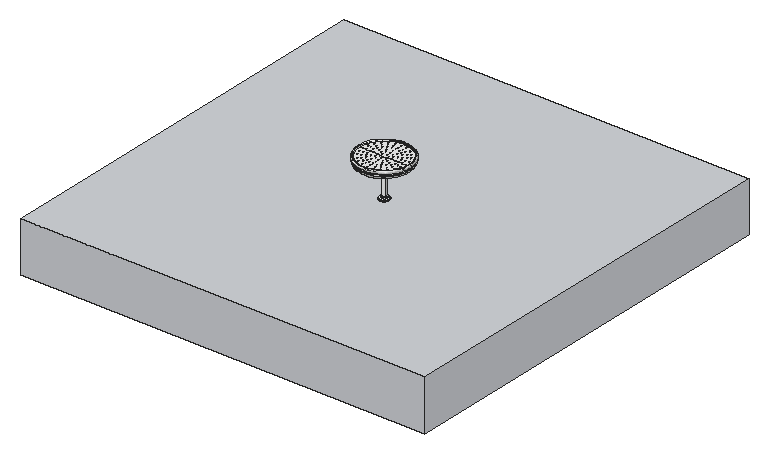
Revit family (continued)
Definition of nested family "13694-base"
  Automatic sketch dimensions
    plane 1 "Center (Front/Back)" to Masking region 3 sketch curve = 0' - 0.11659"
    plane 1 "Center (Front/Back)" to Masking region 3 sketch curve = 0' - 0.24171"
    plane 1 "Center (Front/Back)" to Masking region 3 sketch curve = 0' - 0.33415"
    Masking region 3 sketch curve to Masking region 3 sketch curve = 0' - 0"  (x6)
    Masking region 3 sketch curve to Masking region 3 sketch curve = 0' - 0.01369"  (x2)
    Masking region 3 sketch curve to Masking region 3 sketch curve = 0' - 0.02728"
    plane 1 "Center (Front/Back)" to Masking region 3 sketch curve = 0' - 0.40615"
    Masking region 3 sketch curve to Masking region 3 sketch curve = 0' - 0.09433"  (x2)
    Masking region 3 sketch curve to Masking region 3 sketch curve = 0' - 0.21128"
    Masking region 3 sketch curve to Masking region 3 sketch curve = 0' - 0.06789"  (x2)
    Masking region 3 sketch curve to Masking region 3 sketch curve = 0' - 0.07597"  (x2)
    Masking region 3 sketch curve to Masking region 3 sketch curve = 0' - 0.01241"
    Masking region 3 sketch curve to Masking region 3 sketch curve = 0' - 0.1469"  (x2)
    Masking region 3 sketch curve to Masking region 3 sketch curve = 0' - 0.05728"  (x2)
    level to Masking region 3 sketch curve = 0' - 0.28817"  (x2)
    Masking region 3 sketch curve to Masking region 3 sketch curve = 0' - 0.06031"  (x2)
    Masking region 3 sketch curve to Masking region 3 sketch curve = 0' - 0.02328"
    Masking region 3 sketch curve to Masking region 3 sketch curve = 0' - 0.42852"  (x2)
    Masking region 3 sketch curve to Masking region 3 sketch curve = 0' - 0.054"  (x2)
    level to Masking region 3 sketch curve = 0' - 0.03747"
    Masking region 3 sketch curve to Masking region 3 sketch curve = 0' - 0.41067"  (x2)
    Masking region 3 sketch curve to Masking region 3 sketch curve = 0' - 0.03475"  (x2)
    level to Masking region 3 sketch curve = 0' - 0.16623"
    Masking region 3 sketch curve to Masking region 3 sketch curve = 0' - 0.00841"  (x2)
    Masking region 3 sketch curve to Masking region 3 sketch curve = 0' - 0.25612"  (x2)
    plane 6 "Front" to Masking region 3 sketch curve = 0' - 0.61066"
    plane 6 "Front" to Masking region 3 sketch curve = 0' - 0.38806"
    plane 6 "Front" to Masking region 3 sketch curve = 0' - 0.30266"
    plane 6 "Front" to Masking region 3 sketch curve = 0' - 0.19202"
    plane 6 "Front" to Masking region 3 sketch curve = 0' - 0.17641"
    Masking region 3 sketch curve to Masking region 3 sketch curve = 0' - 0.00913"  (x2)
    Masking region 3 sketch curve to Masking region 3 sketch curve = 0' - 0.03323"  (x2)
    plane 6 "Front" to Masking region 3 sketch curve = 0' - 0.11009"
    plane 6 "Front" to Masking region 3 sketch curve = 0' - 0.10818"
    Masking region 3 sketch curve to Masking region 3 sketch curve = 0' - 0.03845"  (x2)
    Masking region 3 sketch curve to Masking region 3 sketch curve = 0' - 0.02073"  (x2)
    Masking region 3 sketch curve to plane 1 "Center (Front/Back)" = 0' - 0.11659"
    Masking region 3 sketch curve to plane 1 "Center (Front/Back)" = 0' - 0.24171"
    Masking region 3 sketch curve to plane 1 "Center (Front/Back)" = 0' - 0.33415"
    Masking region 3 sketch curve to Masking region 3 sketch curve = 0' - 0.04097"
    Masking region 3 sketch curve to plane 1 "Center (Front/Back)" = 0' - 0.40615"
    Masking region 3 sketch curve to Masking region 3 sketch curve = 0' - 0.10515"
    Masking region 3 sketch curve to Masking region 3 sketch curve = 0' - 0.02049"
    Masking region 3 sketch curve to Masking region 3 sketch curve = 0' - 0.08359"
    Masking region 3 sketch curve to Masking region 3 sketch curve = 0' - 0.00272"
    Masking region 3 sketch curve to plane 4 "Back" = 0' - 0.61066"
    Masking region 3 sketch curve to plane 4 "Back" = 0' - 0.38806"
    Masking region 3 sketch curve to plane 4 "Back" = 0' - 0.30266"
    Masking region 3 sketch curve to plane 4 "Back" = 0' - 0.19202"
    Masking region 3 sketch curve to plane 4 "Back" = 0' - 0.17641"
    Masking region 3 sketch curve to plane 4 "Back" = 0' - 0.11009"
    Masking region 3 sketch curve to plane 4 "Back" = 0' - 0.10818"
    Masking region 3 sketch curve to Masking region 3 sketch curve = 0' - 0.09505"
    Masking region 3 sketch curve to Masking region 3 sketch curve = 0' - 0.08054"  (x2)
    Masking region 3 sketch curve to Masking region 3 sketch curve = 0' - 0.25623"  (x2)
    Masking region 3 sketch curve to plane 5 "Bottom" = 0' - 3.70036"
    Masking region 3 sketch curve to Masking region 3 sketch curve = 0' - 0.02923"  (x2)
    Masking region 3 sketch curve to Masking region 3 sketch curve = 0' - 0.09733"  (x2)
    Masking region 3 sketch curve to Masking region 3 sketch curve = 0' - 0.02455"  (x2)
    Masking region 3 sketch curve to Masking region 3 sketch curve = 0' - 0.58124"
    Masking region 3 sketch curve to Masking region 3 sketch curve = 0' - 0.02139"  (x2)
    Masking region 3 sketch curve to Masking region 3 sketch curve = 0' - 0.12363"  (x2)
    Masking region 3 sketch curve to Masking region 3 sketch curve = 0' - 0.13"  (x2)
    Masking region 3 sketch curve to Masking region 3 sketch curve = 0' - 0.15114"  (x2)
    Masking region 3 sketch curve to plane 5 "Bottom" = 0' - 1.53186"  (x2)
    Masking region 3 sketch curve to Masking region 3 sketch curve = 0' - 0.33871"  (x2)
    Masking region 3 sketch curve to Masking region 3 sketch curve = 0' - 0.1306"  (x2)
    Masking region 3 sketch curve to Masking region 3 sketch curve = 0' - 0.01632"  (x2)
    Masking region 3 sketch curve to Masking region 3 sketch curve = 0' - 0.18528"  (x2)
    Masking region 3 sketch curve to Masking region 3 sketch curve = 0' - 0.02421"  (x2)
    Masking region 3 sketch curve to Masking region 3 sketch curve = 0' - 0.31949"  (x2)
    plane 6 "Front" to curve 42 = 0' - 0.08746"
    plane 6 "Front" to curve 41 = 0' - 0.09559"
    curve 42 to curve 43 = 0' - 0.02073"
    plane 6 "Front" to curve 44 = 0' - 0.11009"
    curve 41 to curve 38 = 0' - 0.07169"
    curve 38 to curve 39 = 0' - 0.00913"
    plane 6 "Front" to curve 40 = 0' - 0.38806"
    plane 1 "Center (Front/Back)" to curve 37 = 0' - 1.16712"
    level to curve 24 = 0' - 0.13251"
    plane 1 "Center (Front/Back)" to curve 24 = 0' - 1.11878"
    level to curve 23 = 0' - 0.03747"
    curve 23 to curve 24 = 0' - 0"
    curve 24 to curve 25 = 0' - 0.02634"
    curve 37 to curve 36 = 0' - 0.31013"
    curve 25 to curve 26 = 0' - 0.48211"
    plane 1 "Center (Front/Back)" to curve 30 = 0' - 0.49452"
    curve 29 to curve 30 = 0' - 0"
    curve 30 to curve 31 = 0' - 0.02049"
    plane 1 "Center (Front/Back)" to curve 32 = 0' - 0.45299"
    curve 32 to curve 35 = 0' - 0.02452"
    curve 26 to curve 27 = 0' - 0.20418"
    curve 29 to curve 28 = 0' - 0.08837"
    curve 32 to curve 33 = 0' - 0.10515"
    curve 33 to curve 34 = 0' - 0.01369"
    curve 34 to plane 1 "Center (Front/Back)" = 0' - 0.33415"
    curve 34 to curve 33 = 0' - 0.01369"
    curve 28 to plane 1 "Center (Front/Back)" = 0' - 0.40615"
    curve 27 to plane 1 "Center (Front/Back)" = 0' - 0.40615"
    curve 34 to curve 35 = 0' - 0.09433"
    curve 33 to curve 32 = 0' - 0.10515"
    curve 28 to curve 31 = 0' - 0.06789"
    curve 28 to curve 29 = 0' - 0.08837"
    curve 31 to curve 30 = 0' - 0.02049"
    curve 27 to curve 26 = 0' - 0.20418"
    curve 35 to curve 36 = 0' - 0.42852"
    level to curve 25 = 0' - 0.16623"
    curve 26 to curve 25 = 0' - 0.48211"
    curve 25 to curve 23 = 0' - 0.02634"
    curve 25 to curve 24 = 0' - 0.02634"
    curve 36 to curve 37 = 0' - 0.31013"
    curve 40 to plane 4 "Back" = 0' - 0.38806"
    curve 39 to plane 4 "Back" = 0' - 0.17641"
    curve 39 to curve 38 = 0' - 0.00913"
    curve 43 to plane 4 "Back" = 0' - 0.11469"
    curve 44 to plane 4 "Back" = 0' - 0.11009"
    curve 38 to curve 41 = 0' - 0.07169"
    curve 43 to curve 42 = 0' - 0.02723"
    level to curve 26 = 0' - 0.37506"
    curve 26 to curve 27 = 0' - 0.31351"
    curve 28 to plane 5 "Bottom" = 0' - 3.70036"
    curve 28 to curve 29 = 0' - 0.02923"
    curve 29 to curve 30 = 0' - 0.09733"
    curve 30 to curve 31 = 0' - 0.02455"
    curve 31 to curve 32 = 0' - 0.72626"
    curve 32 to curve 33 = 0' - 0.08823"
    curve 33 to curve 34 = 0' - 0.11152"
    curve 34 to curve 35 = 0' - 0.11557"
    curve 35 to curve 36 = 0' - 0.13"
    curve 36 to curve 37 = 0' - 0.15114"
    curve 40 to plane 5 "Bottom" = 0' - 1.53186"
    curve 40 to curve 39 = 0' - 0.33871"
    curve 39 to curve 38 = 0' - 0.1306"
    curve 38 to curve 41 = 0' - 0.01632"
    curve 41 to curve 42 = 0' - 0.18528"
    curve 42 to curve 43 = 0' - 0.02421"
    curve 43 to curve 44 = 0' - 0.31949"
    plane 1 "Center (Front/Back)" to Extrusion 2 sketch curve = 0' - 0"
    Extrusion 2 sketch curve to plane 3 "Center (Left/Right)" = 0' - 0"
    Masking region 4 sketch curve to level = 0' - 0"
    Masking region 4 sketch curve to plane 7 "Left" = 0' - 0"
    Masking region 4 sketch curve to plane 8 "Right" = 0' - 0"
    Masking region 4 sketch curve to plane 5 "Bottom" = 0' - 0"
    Masking region 5 sketch curve to plane 5 "Bottom" = 0' - 0"
    Masking region 5 sketch curve to plane 6 "Front" = 0' - 0"
    Masking region 5 sketch curve to level = 0' - 0"
    Masking region 5 sketch curve to plane 4 "Back" = 0' - 0"
    Revolve 1 sketch curve to plane 5 "Bottom" = 0' - 0"
    Revolve 1 sketch curve to level = 0' - 0"
    Revolve 1 sketch curve to plane 3 "Center (Left/Right)" = 0' - 0"
    Revolve 1 sketch curve to plane 3 "Center (Left/Right)" = 0' - 0.07214"
    Revolve 1 sketch curve to plane 3 "Center (Left/Right)" = 0' - 0.26335"
    Revolve 1 sketch curve to plane 3 "Center (Left/Right)" = 0' - 0.33168"
    Revolve 1 sketch curve to Revolve 1 sketch curve = 0' - 0.01568"
    Revolve 1 sketch curve to Revolve 1 sketch curve = 0' - 0.03259"
    Revolve 1 sketch curve to plane 3 "Center (Left/Right)" = 0' - 0 13/32"
    Revolve 1 sketch curve to Revolve 1 sketch curve = 0' - 0.10252"
    Revolve 1 sketch curve to Revolve 1 sketch curve = 0' - 0.19122"
    Revolve 1 sketch curve to Revolve 1 sketch curve = 0' - 0.06779"
    Revolve 1 sketch curve to Revolve 1 sketch curve = 0' - 0.07587"
    Revolve 1 sketch curve to Revolve 1 sketch curve = 0' - 0.01988"
    Revolve 1 sketch curve to Revolve 1 sketch curve = 0' - 0.01241"
    Revolve 1 sketch curve to Revolve 1 sketch curve = 0' - 0.14439"
    Revolve 1 sketch curve to Revolve 1 sketch curve = 0' - 0.00399"
    Revolve 1 sketch curve to Revolve 1 sketch curve = 0' - 0.05969"
    Revolve 1 sketch curve to Revolve 1 sketch curve = 0' - 0.06054"
    Revolve 1 sketch curve to Revolve 1 sketch curve = 0' - 0.08392"
    Revolve 1 sketch curve to Revolve 1 sketch curve = 0' - 0.42276"
    Revolve 1 sketch curve to Revolve 1 sketch curve = 0' - 0.05404"
    Revolve 1 sketch curve to Revolve 1 sketch curve = 0' - 0.40377"
    Revolve 1 sketch curve to Revolve 1 sketch curve = 0' - 0.0007"
    Revolve 1 sketch curve to Revolve 1 sketch curve = 0' - 0.00654"
    level to Revolve 1 sketch curve = 0' - 0.16628"
    Revolve 1 sketch curve to Revolve 1 sketch curve = 0' - 0.01689"
    Revolve 1 sketch curve to Revolve 1 sketch curve = 0' - 0.02679"
    level to Revolve 1 sketch curve = 0' - 0.03783"
    Revolve 1 sketch curve to Revolve 1 sketch curve = 0' - 0.25618"
    plane 7 "Left" to Revolve 1 sketch curve = 0' - 0.61208"
    plane 7 "Left" to Revolve 1 sketch curve = 0' - 0.38809"
    plane 7 "Left" to Revolve 1 sketch curve = 0' - 0.36817"
    Revolve 1 sketch curve to plane 5 "Bottom" = 0' - 0.0404"
    Revolve 1 sketch curve to Revolve 1 sketch curve = 0' - 0.03415"
    Revolve 1 sketch curve to Revolve 1 sketch curve = 0' - 0.06317"
    Revolve 1 sketch curve to Revolve 1 sketch curve = 0' - 0.06593"
    Revolve 1 sketch curve to Revolve 1 sketch curve = 0' - 0.07826"
    plane 7 "Left" to Revolve 1 sketch curve = 0' - 0.17625"
    Revolve 1 sketch curve to Revolve 1 sketch curve = 0' - 0.00904"
    Revolve 1 sketch curve to Revolve 1 sketch curve = 0' - 0.03331"
    plane 7 "Left" to Revolve 1 sketch curve = 0' - 0.11016"
    plane 7 "Left" to Revolve 1 sketch curve = 0' - 0.10808"
    Revolve 1 sketch curve to Revolve 1 sketch curve = 0' - 0.03836"
    Revolve 1 sketch curve to Revolve 1 sketch curve = 0' - 0.02062"
    Revolve 1 sketch curve to Revolve 1 sketch curve = 0' - 0.04077"
    level to Revolve 1 sketch curve = 0' - 0.28818"
    Revolve 1 sketch curve to Revolve 1 sketch curve = 0' - 0.08082"
    Revolve 1 sketch curve to Revolve 1 sketch curve = 0' - 0.25396"
    Revolve 1 sketch curve to plane 5 "Bottom" = 0' - 3.70036"
    Revolve 1 sketch curve to Revolve 1 sketch curve = 0' - 0.02923"
    Revolve 1 sketch curve to Revolve 1 sketch curve = 0' - 0.09733"
    Revolve 1 sketch curve to Revolve 1 sketch curve = 0' - 0.02455"
    Revolve 1 sketch curve to Revolve 1 sketch curve = 0' - 0.59831"
    Revolve 1 sketch curve to Revolve 1 sketch curve = 0' - 0.00312"
    Revolve 1 sketch curve to Revolve 1 sketch curve = 0' - 0.12564"
    Revolve 1 sketch curve to Revolve 1 sketch curve = 0' - 0.06148"
    Revolve 1 sketch curve to Revolve 1 sketch curve = 0' - 0.16711"
    Revolve 1 sketch curve to Revolve 1 sketch curve = 0' - 0.13"
    Revolve 1 sketch curve to Revolve 1 sketch curve = 0' - 0.15118"
    Revolve 1 sketch curve to Revolve 1 sketch curve = 0' - 1.45783"
    Revolve 1 sketch curve to Revolve 1 sketch curve = 0' - 0.33817"
    Revolve 1 sketch curve to Revolve 1 sketch curve = 0' - 0.1311"
    Revolve 1 sketch curve to Revolve 1 sketch curve = 0' - 0.01628"
    Revolve 1 sketch curve to Revolve 1 sketch curve = 0' - 0.18532"
    Revolve 1 sketch curve to Revolve 1 sketch curve = 0' - 0.02428"
    Revolve 1 sketch curve to Revolve 1 sketch curve = 0' - 0.31939"
    Revolve 1 sketch curve to Revolve 1 sketch curve = 0' - 0.04953"
    Extrusion 3 sketch curve to plane 6 "Front" = 0' - 0"
    Extrusion 3 sketch curve to plane 7 "Left" = 0' - 0"
    Extrusion 3 sketch curve to plane 8 "Right" = 0' - 0"
    Extrusion 3 sketch curve to plane 4 "Back" = 0' - 0"
    plane 7 "Left" to curve 20 = 0' - 0.08746"
    plane 7 "Left" to curve 19 = 0' - 0.09554"
    curve 20 to curve 21 = 0' - 0.02062"
    plane 7 "Left" to curve 22 = 0' - 0.11016"
    curve 19 to curve 18 = 0' - 0.07167"
    curve 18 to curve 17 = 0' - 0.00904"
    plane 7 "Left" to curve 16 = 0' - 0.38809"
    curve 15 to plane 3 "Center (Left/Right)" = 0' - 1.16718"
    level to curve 1 = 0' - 0.03783"  (x2)
    curve 1 to plane 3 "Center (Left/Right)" = 0' - 1.11901"
    curve 1 to curve 2 = 0' - 0.02679"
    curve 15 to curve 14 = 0' - 0.25618"
    curve 14 to curve 13 = 0' - 0.05404"
    curve 2 to curve 3 = 0' - 0.48189"
    curve 6 to plane 3 "Center (Left/Right)" = 0' - 0.49452"
    curve 6 to curve 7 = 0' - 0.00061"
    curve 7 to curve 8 = 0' - 0.01988"
    curve 10 to plane 3 "Center (Left/Right)" = 0' - 0.45457"
    curve 10 to curve 9 = 0' - 0"  (x2)
    curve 3 to curve 4 = 0' - 0.20408"
    curve 6 to curve 5 = 0' - 0.08828"
    curve 10 to curve 11 = 0' - 0.1072"
    curve 11 to curve 12 = 0' - 0.01568"
    plane 3 "Center (Left/Right)" to curve 12 = 0' - 0.33168"
    curve 12 to curve 11 = 0' - 0.01568"
    plane 3 "Center (Left/Right)" to curve 5 = 0' - 0 13/32"
    plane 3 "Center (Left/Right)" to curve 4 = 0' - 0 13/32"
    curve 11 to curve 10 = 0' - 0.1072"
    curve 5 to curve 8 = 0' - 0.06779"
    curve 8 to curve 7 = 0' - 0.01988"
    curve 5 to curve 6 = 0' - 0.08828"
    curve 4 to curve 3 = 0' - 0.20408"
    curve 10 to curve 13 = 0' - 0.40239"
    curve 13 to curve 14 = 0' - 0.05404"
    level to curve 2 = 0' - 0.16628"
    curve 3 to curve 2 = 0' - 0.48189"
    curve 2 to curve 1 = 0' - 0.02679"
    curve 14 to curve 15 = 0' - 0.25618"
    curve 16 to plane 8 "Right" = 0' - 0.38809"
    curve 17 to plane 8 "Right" = 0' - 0.17625"
    curve 17 to curve 18 = 0' - 0.00904"
    curve 22 to plane 8 "Right" = 0' - 0.11016"
    curve 21 to plane 8 "Right" = 0' - 0.10808"
    curve 18 to curve 19 = 0' - 0.07167"
    curve 21 to curve 20 = 0' - 0.02062"
    level to curve 3 = 0' - 0.37506"
    curve 3 to curve 4 = 0' - 0.31351"
    curve 5 to plane 5 "Bottom" = 0' - 3.70036"
    curve 5 to curve 6 = 0' - 0.02923"
    curve 6 to curve 7 = 0' - 0.09733"
    curve 7 to curve 8 = 0' - 0.02455"
    curve 8 to curve 9 = 0' - 0.60143"
    curve 9 to curve 10 = 0' - 0.12564"
    curve 10 to curve 11 = 0' - 0.08591"
    curve 11 to curve 12 = 0' - 0.1116"
    curve 10 to curve 13 = 0' - 0.3145"
    curve 13 to curve 14 = 0' - 0.13"
    curve 14 to curve 15 = 0' - 0.15118"
    curve 16 to plane 5 "Bottom" = 0' - 1.53182"
    curve 16 to curve 17 = 0' - 0.33817"
    curve 17 to curve 18 = 0' - 0.1311"
    curve 18 to curve 19 = 0' - 0.01628"
    curve 19 to curve 20 = 0' - 0.18532"
    curve 20 to curve 21 = 0' - 0.02428"
    curve 21 to curve 22 = 0' - 0.31939"
    plane 1 "Center (Front/Back)" to Extrusion 4 sketch curve = 0' - 0"  (x10)
    Extrusion 4 sketch curve to plane 3 "Center (Left/Right)" = 0' - 0"  (x12)
    Extrusion 4 sketch curve to plane 3 "Center (Left/Right)" = 0' - 0.73544"  (x2)
    Extrusion 4 sketch curve to plane 3 "Center (Left/Right)" = 0' - 0.84734"  (x2)
    Extrusion 4 sketch curve to plane 3 "Center (Left/Right)" = 0' - 0.87285"  (x2)
    Extrusion 4 sketch curve to Extrusion 4 sketch curve = 0' - 0.21822"  (x4)
    Extrusion 4 sketch curve to Extrusion 4 sketch curve = 0' - 0.42389"  (x4)
    Extrusion 4 sketch curve to Extrusion 4 sketch curve = 0' - 0.21824"  (x4)
    Extrusion 4 sketch curve to Extrusion 4 sketch curve = 0' - 0.73602"  (x4)
    Extrusion 4 sketch curve to Extrusion 4 sketch curve = 0' - 0.42377"  (x8)
    Extrusion 4 sketch curve to Extrusion 4 sketch curve = 0' - 0.22889"  (x2)
    Extrusion 4 sketch curve to Extrusion 4 sketch curve = 0' - 0.73611"  (x4)
    Extrusion 4 sketch curve to Extrusion 4 sketch curve = 0' - 0.70464"  (x4)
    Extrusion 4 sketch curve to Extrusion 4 sketch curve = 0' - 0.4238"  (x4)
    Extrusion 4 sketch curve to Extrusion 4 sketch curve = 0' - 0.85061"  (x4)
    Extrusion 4 sketch curve to Extrusion 4 sketch curve = 0' - 0.7359"  (x8)
    Extrusion 4 sketch curve to Extrusion 4 sketch curve = 0' - 0.59994"  (x4)
    Extrusion 4 sketch curve to Extrusion 4 sketch curve = 0' - 0.34197"  (x4)
    Extrusion 4 sketch curve to Extrusion 4 sketch curve = 0' - 0.85037"  (x8)
    Extrusion 4 sketch curve to Extrusion 4 sketch curve = 0' - 0.59997"  (x4)
    Extrusion 4 sketch curve to Extrusion 4 sketch curve = 0' - 0.8214"  (x4)
    Extrusion 4 sketch curve to Extrusion 4 sketch curve = 0' - 0.73595"  (x4)
    Extrusion 4 sketch curve to Extrusion 4 sketch curve = 0' - 0.82145"  (x4)
    Extrusion 4 sketch curve to Extrusion 4 sketch curve = 0' - 0.85043"  (x4)
    plane 3 "Center (Left/Right)" to Extrusion 4 sketch curve = 0' - 0.73544"  (x2)
    plane 3 "Center (Left/Right)" to Extrusion 4 sketch curve = 0' - 0.84734"  (x2)
    plane 3 "Center (Left/Right)" to Extrusion 4 sketch curve = 0' - 0.87285"  (x2)
    plane 1 "Center (Front/Back)" to Extrusion 4 sketch curve = 0' - 0.42586"  (x2)
    Extrusion 4 sketch curve to Extrusion 4 sketch curve = 0' - 0.42398"  (x2)
    Extrusion 4 sketch curve to Extrusion 4 sketch curve = 0' - 0.4262"  (x4)
    plane 1 "Center (Front/Back)" to Extrusion 4 sketch curve = 0' - 0.88036"  (x2)
    Extrusion 4 sketch curve to Extrusion 4 sketch curve = 0' - 0.2201"  (x4)
    Extrusion 4 sketch curve to Extrusion 4 sketch curve = 0' - 0.42625"  (x4)
    Extrusion 4 sketch curve to Extrusion 4 sketch curve = 0' - 0.22011"  (x4)
    Extrusion 4 sketch curve to Extrusion 4 sketch curve = 0' - 0.62212"  (x4)
    Extrusion 4 sketch curve to Extrusion 4 sketch curve = 0' - 0.85051"  (x2)
    Extrusion 4 sketch curve to Extrusion 4 sketch curve = 0' - 0.42613"  (x8)
    Extrusion 4 sketch curve to Extrusion 4 sketch curve = 0' - 0.73747"  (x4)
    Extrusion 4 sketch curve to Extrusion 4 sketch curve = 0' - 0.70613"  (x4)
    Extrusion 4 sketch curve to Extrusion 4 sketch curve = 0' - 0.42615"  (x4)
    Extrusion 4 sketch curve to Extrusion 4 sketch curve = 0' - 0.73726"  (x8)
    Extrusion 4 sketch curve to Extrusion 4 sketch curve = 0' - 0.60267"  (x4)
    Extrusion 4 sketch curve to Extrusion 4 sketch curve = 0' - 0.33853"  (x4)
    Extrusion 4 sketch curve to Extrusion 4 sketch curve = 0' - 0.6027"  (x4)
    Extrusion 4 sketch curve to Extrusion 4 sketch curve = 0' - 0.8219"  (x4)
    Extrusion 4 sketch curve to Extrusion 4 sketch curve = 0' - 0.73731"  (x4)
    Extrusion 4 sketch curve to Extrusion 4 sketch curve = 0' - 0.82195"  (x4)
    Extrusion 4 sketch curve to plane 1 "Center (Front/Back)" = 0' - 0.42586"  (x2)
    Extrusion 4 sketch curve to plane 1 "Center (Front/Back)" = 0' - 0.88036"  (x2)
    curve 45 to curve 46 = 0' - 0"  (x2)
    curve 47 to curve 48 = 0' - 0"  (x2)
    curve 49 to curve 50 = 0' - 0"  (x2)
    curve 51 to curve 52 = 0' - 0"  (x2)
    curve 53 to curve 54 = 0' - 0"  (x2)
    curve 55 to curve 56 = 0' - 0"  (x2)
    curve 57 to curve 58 = 0' - 0"  (x2)
    curve 59 to curve 60 = 0' - 0"  (x2)
    curve 61 to curve 62 = 0' - 0"  (x2)
    curve 63 to curve 64 = 0' - 0"  (x2)
    curve 65 to curve 66 = 0' - 0"  (x2)
    curve 67 to curve 68 = 0' - 0"  (x2)
    curve 69 to curve 70 = 0' - 0"  (x2)
    curve 71 to curve 72 = 0' - 0"  (x2)
    curve 73 to curve 74 = 0' - 0"  (x2)
    curve 75 to curve 76 = 0' - 0"  (x2)
    curve 77 to curve 78 = 0' - 0"  (x2)
    curve 79 to curve 80 = 0' - 0"  (x2)
    curve 81 to curve 82 = 0' - 0"  (x2)
    curve 83 to curve 84 = 0' - 0"  (x2)
    curve 85 to curve 86 = 0' - 0"  (x2)
    curve 87 to curve 88 = 0' - 0"  (x2)
    curve 89 to curve 90 = 0' - 0"  (x2)
    curve 91 to curve 92 = 0' - 0"  (x2)
    curve 93 to curve 94 = 0' - 0"  (x2)
    curve 95 to curve 96 = 0' - 0"  (x2)
    curve 97 to curve 98 = 0' - 0"  (x2)
    curve 99 to curve 100 = 0' - 0"  (x2)
    curve 101 to curve 102 = 0' - 0"  (x2)
    curve 103 to curve 104 = 0' - 0"  (x2)
    curve 105 to curve 106 = 0' - 0"  (x2)
    curve 107 to curve 108 = 0' - 0"  (x2)
    curve 109 to curve 110 = 0' - 0"  (x2)
    curve 111 to curve 112 = 0' - 0"  (x2)
    curve 113 to curve 114 = 0' - 0"  (x2)
    curve 115 to curve 116 = 0' - 0"  (x2)
    curve 117 to curve 118 = 0' - 0"  (x2)
    curve 119 to curve 120 = 0' - 0"  (x2)
    curve 121 to curve 122 = 0' - 0"  (x2)
    curve 123 to curve 124 = 0' - 0"  (x2)
    curve 125 to curve 126 = 0' - 0"  (x2)
    curve 127 to curve 128 = 0' - 0"  (x2)
    curve 129 to curve 130 = 0' - 0"  (x2)
    curve 131 to curve 132 = 0' - 0"  (x2)
    curve 133 to curve 134 = 0' - 0"  (x2)
    curve 135 to curve 136 = 0' - 0"  (x2)
    curve 137 to curve 138 = 0' - 0"  (x2)
    curve 139 to curve 140 = 0' - 0"  (x2)
    curve 141 to curve 142 = 0' - 0"  (x2)
    curve 143 to curve 144 = 0' - 0"  (x2)
    curve 145 to curve 146 = 0' - 0"  (x2)
    curve 147 to curve 148 = 0' - 0"  (x2)
    curve 149 to curve 150 = 0' - 0"  (x2)
    curve 151 to curve 152 = 0' - 0"  (x2)
    curve 153 to curve 154 = 0' - 0"  (x2)
    curve 155 to curve 156 = 0' - 0"  (x2)
    curve 157 to curve 158 = 0' - 0"  (x2)
    curve 159 to curve 160 = 0' - 0"  (x2)
    curve 161 to curve 162 = 0' - 0"  (x2)
    curve 163 to curve 164 = 0' - 0"  (x2)
    curve 165 to curve 166 = 0' - 0"  (x2)
    curve 167 to curve 168 = 0' - 0"  (x2)
    curve 169 to curve 170 = 0' - 0"  (x2)
    curve 171 to curve 172 = 0' - 0"  (x2)
    curve 173 to curve 174 = 0' - 0"  (x2)
    curve 175 to curve 176 = 0' - 0"  (x2)
    curve 177 to curve 178 = 0' - 0"  (x2)
    curve 179 to curve 180 = 0' - 0"  (x2)
    curve 181 to curve 182 = 0' - 0"  (x2)
    curve 183 to curve 184 = 0' - 0"  (x2)
    curve 185 to curve 186 = 0' - 0"  (x2)
    curve 187 to curve 188 = 0' - 0"  (x2)
    curve 189 to curve 190 = 0' - 0"  (x2)
    curve 191 to curve 192 = 0' - 0"  (x2)
    curve 193 to curve 194 = 0' - 0"  (x2)
    curve 195 to curve 196 = 0' - 0"  (x2)
    curve 197 to curve 198 = 0' - 0"  (x2)
    curve 199 to curve 204 = 0' - 0"  (x2)
    curve 200 to curve 205 = 0' - 0"  (x2)
    curve 201 to curve 206 = 0' - 0"  (x2)
    curve 202 to curve 207 = 0' - 0"  (x2)
    curve 203 to curve 208 = 0' - 0"  (x2)
    curve 209 to curve 210 = 0' - 0"  (x2)
    curve 211 to curve 212 = 0' - 0"  (x2)
    curve 213 to curve 214 = 0' - 0"  (x2)
    curve 215 to curve 216 = 0' - 0"  (x2)
    curve 217 to curve 218 = 0' - 0"  (x2)
    curve 219 to curve 220 = 0' - 0"  (x2)
    curve 221 to curve 222 = 0' - 0"  (x2)
    curve 223 to curve 224 = 0' - 0"  (x2)
    curve 225 to curve 226 = 0' - 0"  (x2)
    curve 227 to curve 228 = 0' - 0"  (x2)
    curve 229 to curve 230 = 0' - 0"  (x2)
    curve 231 to curve 232 = 0' - 0"  (x2)
    curve 233 to curve 234 = 0' - 0"  (x2)
    curve 235 to curve 236 = 0' - 0"  (x2)
    curve 237 to curve 238 = 0' - 0"  (x2)
    curve 239 to curve 240 = 0' - 0"  (x2)
    curve 241 to curve 242 = 0' - 0"  (x2)
    curve 243 to curve 244 = 0' - 0"  (x2)
    curve 245 to curve 246 = 0' - 0"  (x2)
    curve 247 to curve 248 = 0' - 0"  (x2)
    curve 249 to curve 250 = 0' - 0"  (x2)
    plane 1 "Center (Front/Back)" to curve 100 = 0' - 0"
    plane 1 "Center (Front/Back)" to curve 97 = 0' - 0"
    plane 1 "Center (Front/Back)" to curve 96 = 0' - 0"
    plane 1 "Center (Front/Back)" to curve 94 = 0' - 0"
    plane 1 "Center (Front/Back)" to curve 91 = 0' - 0"
    curve 56 to plane 3 "Center (Left/Right)" = 0' - 0"
    curve 154 to plane 3 "Center (Left/Right)" = 0' - 0"
    curve 54 to plane 3 "Center (Left/Right)" = 0' - 0"
    curve 155 to plane 3 "Center (Left/Right)" = 0' - 0"
    curve 52 to plane 3 "Center (Left/Right)" = 0' - 0"
    curve 50 to plane 3 "Center (Left/Right)" = 0' - 0"
    curve 157 to plane 3 "Center (Left/Right)" = 0' - 0"
    curve 147 to plane 3 "Center (Left/Right)" = 0' - 0"
    plane 1 "Center (Front/Back)" to curve 250 = 0' - 0"
    curve 250 to plane 3 "Center (Left/Right)" = 0' - 0"
    curve 48 to plane 3 "Center (Left/Right)" = 0' - 0"
    curve 149 to plane 3 "Center (Left/Right)" = 0' - 0"
    curve 46 to plane 3 "Center (Left/Right)" = 0' - 0"
    curve 152 to plane 3 "Center (Left/Right)" = 0' - 0"
    plane 1 "Center (Front/Back)" to curve 203 = 0' - 0"
    plane 1 "Center (Front/Back)" to curve 207 = 0' - 0"
    plane 1 "Center (Front/Back)" to curve 201 = 0' - 0"
    plane 1 "Center (Front/Back)" to curve 200 = 0' - 0"
    plane 1 "Center (Front/Back)" to curve 204 = 0' - 0"
    plane 3 "Center (Left/Right)" to curve 54 = 0' - 0.07172"
    plane 3 "Center (Left/Right)" to curve 50 = 0' - 0.07172"
    curve 156 to curve 155 = 0' - 0.07172"
    plane 3 "Center (Left/Right)" to curve 51 = 0' - 0.07172"
    curve 154 to curve 153 = 0' - 0.07172"
    plane 3 "Center (Left/Right)" to curve 55 = 0' - 0.07172"
    curve 151 to curve 151 = 0' - 0.07172"
    curve 150 to curve 149 = 0' - 0.07172"
    plane 3 "Center (Left/Right)" to curve 45 = 0' - 0.07172"
    curve 158 to curve 157 = 0' - 0.07172"
    plane 3 "Center (Left/Right)" to curve 47 = 0' - 0.07172"
    curve 148 to curve 147 = 0' - 0.07172"
    plane 3 "Center (Left/Right)" to curve 124 = 0' - 0.66372"
    plane 3 "Center (Left/Right)" to curve 90 = 0' - 0.66372"
    curve 124 to curve 123 = 0' - 0.07172"
    curve 90 to curve 89 = 0' - 0.07172"
    curve 71 to curve 54 = 0' - 0.70389"
    curve 126 to curve 156 = 0' - 0.70389"
    curve 57 to curve 50 = 0' - 0.7294"
    curve 142 to curve 152 = 0' - 0.7294"
    curve 72 to curve 71 = 0' - 0.07172"
    curve 125 to curve 125 = 0' - 0.07172"
    curve 141 to curve 141 = 0' - 0.07172"
    curve 57 to curve 57 = 0' - 0.07172"
    curve 59 to curve 58 = 0' - 0.07477"
    curve 143 to curve 141 = 0' - 0.07477"
    curve 143 to curve 143 = 0' - 0.07172"
    curve 59 to curve 59 = 0' - 0.07172"
    curve 69 to curve 71 = 0' - 0.28044"
    curve 127 to curve 125 = 0' - 0.28044"
    curve 145 to curve 143 = 0' - 0.07479"
    curve 61 to curve 60 = 0' - 0.07479"
    curve 70 to curve 69 = 0' - 0.07172"
    curve 128 to curve 127 = 0' - 0.07172"
    curve 145 to curve 145 = 0' - 0.07172"
    curve 61 to curve 61 = 0' - 0.07172"
    curve 87 to curve 90 = 0' - 0.59257"
    curve 122 to curve 123 = 0' - 0.59257"
    curve 121 to curve 121 = 0' - 0.07172"
    curve 87 to curve 87 = 0' - 0.07172"
    curve 67 to curve 57 = 0' - 0.6787"
    curve 130 to curve 142 = 0' - 0.6787"
    curve 92 to curve 122 = 0' - 0.08544"
    curve 130 to curve 129 = 0' - 0.07172"
    curve 68 to curve 67 = 0' - 0.07172"
    curve 92 to curve 91 = 0' - 0.07172"
    curve 131 to curve 129 = 0' - 0.28032"
    curve 65 to curve 67 = 0' - 0.28032"
    curve 65 to curve 65 = 0' - 0.07172"
    curve 131 to curve 131 = 0' - 0.07172"
    curve 85 to curve 88 = 0' - 0.59266"
    curve 120 to curve 121 = 0' - 0.59266"
    curve 86 to curve 85 = 0' - 0.07172"
    curve 120 to curve 119 = 0' - 0.07172"
    curve 139 to curve 130 = 0' - 0.56119"
    curve 73 to curve 67 = 0' - 0.56119"
    curve 139 to curve 139 = 0' - 0.07172"
    curve 74 to curve 73 = 0' - 0.07172"
    curve 64 to curve 66 = 0' - 0.28035"
    curve 133 to curve 131 = 0' - 0.28035"
    curve 94 to curve 91 = 0' - 0.70716"
    curve 64 to curve 63 = 0' - 0.07172"
    curve 133 to curve 133 = 0' - 0.07172"
    curve 93 to curve 93 = 0' - 0.07172"
    curve 117 to curve 119 = 0' - 0.59245"
    curve 84 to curve 86 = 0' - 0.59245"
    curve 138 to curve 139 = 0' - 0.45649"
    curve 76 to curve 74 = 0' - 0.45649"
    curve 118 to curve 117 = 0' - 0.07172"
    curve 83 to curve 83 = 0' - 0.07172"
    curve 138 to curve 137 = 0' - 0.07172"
    curve 76 to curve 75 = 0' - 0.07172"
    curve 101 to curve 83 = 0' - 0.19852"
    curve 112 to curve 118 = 0' - 0.19852"
    curve 101 to curve 101 = 0' - 0.07172"
    curve 111 to curve 111 = 0' - 0.07172"
    curve 95 to curve 93 = 0' - 0.70693"
    curve 96 to curve 95 = 0' - 0.07172"
    curve 78 to curve 76 = 0' - 0.45653"
    curve 136 to curve 137 = 0' - 0.45653"
    curve 136 to curve 135 = 0' - 0.07172"
    curve 78 to curve 77 = 0' - 0.07172"
    curve 116 to curve 117 = 0' - 0.59245"
    curve 82 to curve 84 = 0' - 0.59245"
    curve 115 to curve 115 = 0' - 0.07172"
    curve 82 to curve 81 = 0' - 0.07172"
    curve 110 to curve 111 = 0' - 0.67795"
    curve 103 to curve 102 = 0' - 0.67795"
    curve 103 to curve 103 = 0' - 0.07172"
    curve 109 to curve 109 = 0' - 0.07172"
    curve 98 to curve 95 = 0' - 0.70693"
    curve 97 to curve 97 = 0' - 0.07172"
    curve 113 to curve 115 = 0' - 0.5925"
    curve 79 to curve 82 = 0' - 0.5925"
    curve 114 to curve 113 = 0' - 0.07172"
    curve 79 to curve 79 = 0' - 0.07172"
    curve 106 to curve 104 = 0' - 0.678"
    curve 107 to curve 109 = 0' - 0.678"
    curve 105 to curve 105 = 0' - 0.07172"
    curve 108 to curve 107 = 0' - 0.07172"
    curve 100 to curve 97 = 0' - 0.70698"
    curve 99 to curve 99 = 0' - 0.07172"
    curve 209 to plane 3 "Center (Left/Right)" = 0' - 0.66372"
    curve 191 to plane 3 "Center (Left/Right)" = 0' - 0.66372"
    curve 191 to curve 192 = 0' - 0.07172"
    curve 209 to curve 209 = 0' - 0.07172"
    curve 53 to curve 229 = 0' - 0.70389"
    curve 155 to curve 159 = 0' - 0.70389"
    curve 151 to curve 163 = 0' - 0.7294"
    curve 49 to curve 244 = 0' - 0.7294"
    curve 159 to curve 160 = 0' - 0.07172"
    curve 229 to curve 230 = 0' - 0.07172"
    curve 243 to curve 244 = 0' - 0.07172"
    curve 163 to curve 164 = 0' - 0.07172"
    curve 163 to curve 165 = 0' - 0.07477"
    curve 243 to curve 246 = 0' - 0.07477"
    curve 165 to curve 165 = 0' - 0.07172"
    curve 245 to curve 245 = 0' - 0.07172"
    curve 230 to curve 232 = 0' - 0.28044"
    curve 159 to curve 161 = 0' - 0.28044"
    curve 165 to curve 168 = 0' - 0.07479"
    curve 245 to curve 248 = 0' - 0.07479"
    curve 161 to curve 161 = 0' - 0.07172"
    curve 231 to curve 232 = 0' - 0.07172"
    curve 167 to curve 168 = 0' - 0.07172"
    curve 247 to curve 247 = 0' - 0.07172"
    curve 191 to curve 189 = 0' - 0.59257"
    curve 209 to curve 212 = 0' - 0.59257"
    curve 211 to curve 212 = 0' - 0.07172"
    curve 189 to curve 190 = 0' - 0.07172"
    curve 243 to curve 233 = 0' - 0.6787"
    curve 163 to curve 173 = 0' - 0.6787"
    curve 211 to curve 203 = 0' - 0.08544"
    curve 233 to curve 234 = 0' - 0.07172"
    curve 173 to curve 173 = 0' - 0.07172"
    curve 203 to curve 203 = 0' - 0.07172"
    curve 234 to curve 239 = 0' - 0.28032"
    curve 173 to curve 172 = 0' - 0.28032"
    curve 239 to curve 240 = 0' - 0.07172"
    curve 171 to curve 172 = 0' - 0.07172"
    curve 211 to curve 219 = 0' - 0.59266"
    curve 189 to curve 187 = 0' - 0.59266"
    curve 219 to curve 219 = 0' - 0.07172"
    curve 187 to curve 187 = 0' - 0.07172"
    curve 233 to curve 228 = 0' - 0.56119"
    curve 173 to curve 176 = 0' - 0.56119"
    curve 175 to curve 175 = 0' - 0.07172"
    curve 227 to curve 227 = 0' - 0.07172"
    curve 240 to curve 241 = 0' - 0.28035"
    curve 171 to curve 169 = 0' - 0.28035"
    curve 203 to curve 207 = 0' - 0.70716"
    curve 169 to curve 169 = 0' - 0.07172"
    curve 241 to curve 242 = 0' - 0.07172"
    curve 202 to curve 207 = 0' - 0.07172"
    curve 187 to curve 185 = 0' - 0.59245"
    curve 219 to curve 221 = 0' - 0.59245"
    curve 175 to curve 177 = 0' - 0.45649"
    curve 228 to curve 236 = 0' - 0.45649"
    curve 221 to curve 221 = 0' - 0.07172"
    curve 185 to curve 186 = 0' - 0.07172"
    curve 235 to curve 236 = 0' - 0.07172"
    curve 177 to curve 178 = 0' - 0.07172"
    curve 221 to curve 214 = 0' - 0.19852"
    curve 185 to curve 193 = 0' - 0.19852"
    curve 213 to curve 213 = 0' - 0.07172"
    curve 193 to curve 193 = 0' - 0.07172"
    curve 202 to curve 201 = 0' - 0.70693"
    curve 201 to curve 201 = 0' - 0.07172"
    curve 177 to curve 179 = 0' - 0.45653"
    curve 235 to curve 238 = 0' - 0.45653"
    curve 179 to curve 180 = 0' - 0.07172"
    curve 237 to curve 237 = 0' - 0.07172"
    curve 222 to curve 223 = 0' - 0.59245"
    curve 185 to curve 184 = 0' - 0.59245"
    curve 183 to curve 184 = 0' - 0.07172"
    curve 223 to curve 223 = 0' - 0.07172"
    curve 214 to curve 215 = 0' - 0.67795"
    curve 193 to curve 196 = 0' - 0.67795"
    curve 215 to curve 215 = 0' - 0.07172"
    curve 195 to curve 195 = 0' - 0.07172"
    curve 201 to curve 200 = 0' - 0.70693"
    curve 200 to curve 205 = 0' - 0.07172"
    curve 224 to curve 225 = 0' - 0.5925"
    curve 183 to curve 182 = 0' - 0.5925"
    curve 181 to curve 181 = 0' - 0.07172"
    curve 225 to curve 225 = 0' - 0.07172"
    curve 215 to curve 217 = 0' - 0.678"
    curve 195 to curve 198 = 0' - 0.678"
    curve 217 to curve 218 = 0' - 0.07172"
    curve 197 to curve 197 = 0' - 0.07172"
    curve 200 to curve 204 = 0' - 0.70698"
    curve 199 to curve 204 = 0' - 0.07172"
    curve 209 to plane 1 "Center (Front/Back)" = 0' - 0.42586"
    curve 90 to plane 1 "Center (Front/Back)" = 0' - 0.42586"
    curve 55 to curve 210 = 0' - 0.42398"
    curve 88 to curve 90 = 0' - 0.4262"
    curve 211 to curve 209 = 0' - 0.4262"
    curve 213 to plane 1 "Center (Front/Back)" = 0' - 0.88036"
    curve 102 to plane 1 "Center (Front/Back)" = 0' - 0.88036"
    curve 216 to curve 214 = 0' - 0.2201"
    curve 103 to curve 102 = 0' - 0.2201"
    curve 85 to curve 88 = 0' - 0.42625"
    curve 219 to curve 211 = 0' - 0.42625"
    curve 217 to curve 215 = 0' - 0.22011"
    curve 106 to curve 104 = 0' - 0.22011"
    curve 72 to curve 87 = 0' - 0.62212"
    curve 230 to curve 212 = 0' - 0.62212"
    curve 53 to curve 230 = 0' - 0.22617"
    curve 83 to curve 86 = 0' - 0.42613"
    curve 221 to curve 214 = 0' - 0.82408"
    curve 81 to curve 84 = 0' - 0.42613"
    curve 224 to curve 222 = 0' - 0.42613"
    curve 231 to curve 230 = 0' - 0.73747"
    curve 69 to curve 71 = 0' - 0.73747"
    curve 227 to curve 222 = 0' - 0.70613"
    curve 74 to curve 84 = 0' - 0.70613"
    curve 51 to curve 53 = 0' - 0.85061"
    curve 225 to curve 224 = 0' - 0.42615"
    curve 79 to curve 82 = 0' - 0.42615"
    curve 67 to curve 70 = 0' - 0.73726"
    curve 233 to curve 232 = 0' - 0.73726"
    curve 76 to curve 74 = 0' - 0.60267"
    curve 236 to curve 228 = 0' - 0.60267"
    curve 243 to curve 234 = 0' - 0.33853"
    curve 58 to curve 68 = 0' - 0.33853"
    curve 50 to curve 244 = 0' - 0.1139"
    curve 77 to curve 76 = 0' - 0.6027"
    curve 237 to curve 235 = 0' - 0.6027"
    curve 65 to curve 67 = 0' - 0.73726"
    curve 239 to curve 234 = 0' - 0.73726"
    curve 60 to curve 58 = 0' - 0.8219"
    curve 245 to curve 243 = 0' - 0.8219"
    curve 47 to curve 49 = 0' - 0.85037"
    curve 63 to curve 66 = 0' - 0.73731"
    curve 242 to curve 240 = 0' - 0.73731"
    curve 61 to curve 60 = 0' - 0.82195"
    curve 247 to curve 245 = 0' - 0.82195"
    curve 45 to curve 47 = 0' - 0.85043"
    plane 1 "Center (Front/Back)" to curve 191 = 0' - 0.42586"
    plane 1 "Center (Front/Back)" to curve 124 = 0' - 0.42586"
    curve 123 to curve 158 = 0' - 0.42398"
    curve 191 to curve 189 = 0' - 0.4262"
    curve 123 to curve 122 = 0' - 0.4262"
    plane 1 "Center (Front/Back)" to curve 193 = 0' - 0.88036"
    plane 1 "Center (Front/Back)" to curve 111 = 0' - 0.88036"
    curve 111 to curve 109 = 0' - 0.2201"
    curve 193 to curve 195 = 0' - 0.2201"
    curve 189 to curve 187 = 0' - 0.42625"
    curve 121 to curve 119 = 0' - 0.42625"
    curve 109 to curve 108 = 0' - 0.22011"
    curve 195 to curve 197 = 0' - 0.22011"
    curve 121 to curve 125 = 0' - 0.62212"
    curve 189 to curve 159 = 0' - 0.62212"
    curve 125 to curve 155 = 0' - 0.22617"
    curve 187 to curve 185 = 0' - 0.42613"
    curve 111 to curve 118 = 0' - 0.82408"
    curve 185 to curve 183 = 0' - 0.42613"
    curve 117 to curve 115 = 0' - 0.42613"
    curve 125 to curve 127 = 0' - 0.73747"
    curve 159 to curve 161 = 0' - 0.73747"
    curve 117 to curve 140 = 0' - 0.70613"
    curve 185 to curve 176 = 0' - 0.70613"
    curve 155 to curve 153 = 0' - 0.85061"
    curve 115 to curve 114 = 0' - 0.42615"
    curve 183 to curve 182 = 0' - 0.42615"
    curve 127 to curve 129 = 0' - 0.73726"
    curve 161 to curve 174 = 0' - 0.73726"
    curve 175 to curve 177 = 0' - 0.60267"
    curve 139 to curve 138 = 0' - 0.60267"
    curve 173 to curve 164 = 0' - 0.33853"
    curve 129 to curve 142 = 0' - 0.33853"
    curve 163 to curve 152 = 0' - 0.1139"
    curve 177 to curve 180 = 0' - 0.6027"
    curve 137 to curve 136 = 0' - 0.6027"
    curve 129 to curve 132 = 0' - 0.73726"
    curve 173 to curve 172 = 0' - 0.73726"
    curve 141 to curve 144 = 0' - 0.8219"
    curve 163 to curve 166 = 0' - 0.8219"
    curve 151 to curve 149 = 0' - 0.85037"
    curve 171 to curve 169 = 0' - 0.73731"
    curve 131 to curve 133 = 0' - 0.73731"
    curve 143 to curve 145 = 0' - 0.82195"
    curve 165 to curve 168 = 0' - 0.82195"
    curve 149 to curve 147 = 0' - 0.85043"
    plane 1 "Center (Front/Back)" to Masking region 6 sketch curve = 0' - 0"
    Masking region 6 sketch curve to plane 3 "Center (Left/Right)" = 0' - 0"
    Masking region 7 sketch curve to Masking region 7 sketch curve = 0' - 0"  (x2)
    plane 1 "Center (Front/Back)" to Masking region 7 sketch curve = 0' - 0"
    Masking region 7 sketch curve to plane 3 "Center (Left/Right)" = 0' - 0"
    Masking region 7 sketch curve to Masking region 7 sketch curve = 0' - 1.16718"
    radius of Extrusion 2 sketch curve = 0' - 0 1/2"
    radius of Extrusion 4 sketch curve = 0' - 0.07172"  (x102)
    radius of curve 249 = 0' - 5.83066"
    radius of curve 250 = 0' - 6.02892"
    radius of Masking region 6 sketch curve = 0' - 6 7/32"
Types (8): name | Finish
  (no name) | Metal-Kohler-CP-Polished Chrome
  Metal-CP-Polished_Chrome | Metal-Kohler-CP-Polished Chrome
  Metal-2BZ-Oil_Rubbed_Bronze | Metal-Kohler-2BZ-Oil Rubbed Bronze
  Metal-AF-Vibrant_French_Gold | Metal-Kohler-AF-Vibrant French Gold
  Metal-BN-Vibrant_Brushed_Nickel | Metal-Kohler-BN-Vibrant Brushed Nickel
  Metal-BRZ-Oil_Rubbed_Bronze | Metal-Kohler-BRZ-Oil Rubbed Bronze
  Metal-BV-Vibrant_Brushed_Bronze | Metal-Kohler-BV-Vibrant Brushed Bronze
  Metal-SN-Vibrant_Polished_Nickel | Metal-Kohler-SN-Vibrant Polished Nickel
